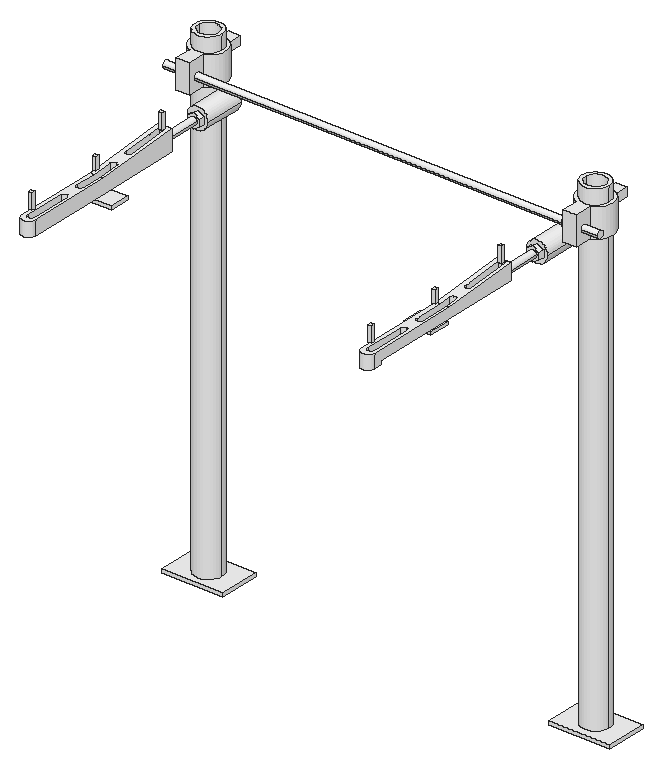
Revit family "MC-41R", category Plumbing Fixtures, host Face, Revit 2026
Family settings
  Host = Face
  Round Connector Dimension = Use Diameter
  Part Type = Normal
  Classification Number = 23.45.05.21.11
  Enable Cutting in Views = No
  Cut with Voids When Loaded = No
  Maintain Annotation Orientation = No
  Shared = No
  Room Calculation Point = No
Parameters
  WFU = 0
  URL = "www.mifab.com"
  Model = "MC-41-R"
  Manufacturer = "MIFAB"
  Floor Drain Material = Paint - Sherwin Williams Paint - #952C2A - Bellwood Red
  Description = "Fixture Carrier With Concealed Arms And Round Uprights"
  Default Elevation = 0.000"
  Assembly Code = ""
Reference planes (in)
  plane 1 "Center (Front/Back)": y = 0
  plane 2: z = 0
  plane 3 "Center (Left/Right)": x = 0
Forms (in)
  Extrusion 1, solid, material "Paint - Sherwin Williams Paint - #952C2A - Bellwood Red" <- "Floor Drain Material"
    sketch origin (-0.29196, 0, 0) x (1, 0, 0) y (0, 1, 0)
      loop
        line (-16.49824, 1.5) -> (-16.49824, -1.5) -> (-11.99824, -1.5) -> (-11.99824, 1.5) -> (-16.49824, 1.5)
      loop
        line (16.50176, 1.5) -> (12.00176, 1.5) -> (12.00176, -1.5) -> (16.50176, -1.5) -> (16.50176, 1.5)
    from 0 to 0.25
  Extrusion 2, solid, material "Paint - Sherwin Williams Paint - #952C2A - Bellwood Red" <- "Floor Drain Material"
    sketch origin (-0.29196, 0, 0) x (1, 0, 0) y (0, 1, 0)
      loop
        circle (14.25176, 0) r 1
      loop
        circle (14.25176, 0) r 0.75
      loop
        circle (-14.24824, 0) r 1
      loop
        circle (-14.24824, 0) r 0.75
    from 0.25 to 36
  Extrusion 3, solid, material "Paint - Sherwin Williams Paint - #952C2A - Bellwood Red" <- "Floor Drain Material"
    sketch origin (11.65492, 0.03947, -1.5) x (0, 1, 0) y (0, 0, 1)
      loop
        line (-6.17964, 33.09919) -> (-6.17964, 34.3425) -> (-11.80094, 33.8507) -> (-18.14504, 33.8507) -> (-18.14504, 33.09919) -> (-6.17964, 33.09919)
    from 0 to 1
  Extrusion 4, solid, material "Paint - Sherwin Williams Paint - #952C2A - Bellwood Red" <- "Floor Drain Material"
    sketch origin (-2.04196, 41.8128, -1.23753) x (1, 0, 0) y (0, 0, 1)
      loop
        circle (14.25176, 33.3507) r 0.25
      loop
        circle (-10.74824, 33.3507) r 0.25
    from 45.38789 to 47.95296
  Extrusion 5, solid, material "Paint - Sherwin Williams Paint - #952C2A - Bellwood Red" <- "Floor Drain Material"
    sketch origin (-0.29196, -1.6872, -1.5) x (1, 0, 0) y (0, 0, 1)
      loop
        line (12.05665, 33.87016) -> (12.05665, 33.35618) -> (12.50176, 33.09919) -> (12.94688, 33.35618) -> (12.94688, 33.87016) -> (12.50176, 34.12715) -> (12.05665, 33.87016)
      loop
        line (-12.05312, 33.87016) -> (-12.49824, 34.12715) -> (-12.94335, 33.87016) -> (-12.94335, 33.35618) -> (-12.49824, 33.09919) -> (-12.05312, 33.35618) -> (-12.05312, 33.87016)
    from 1.5 to 1.88789
  Extrusion 6, solid, material "Paint - Sherwin Williams Paint - #952C2A - Bellwood Red" <- "Floor Drain Material"
    sketch origin (-12.33166, -0.5659, -1.5) x (0, 1, 0) y (0, 0, -1)
      loop
        line (-5.57427, -32.8507) -> (-17.53967, -32.8507) -> (-17.53967, -33.8507) -> (-11.80094, -33.8507) -> (-5.57427, -34.39547) -> (-5.57427, -32.8507)
    from 0 to 1
  Extrusion 7, solid, material "Paint - Sherwin Williams Paint - #952C2A - Bellwood Red" <- "Floor Drain Material"
    sketch origin (1.46157, -1.6872, 31.3507) x (-1, 0, 0) y (0, -1, 0)
      loop
        line (13.79323, 16.41836) -> (14.79323, 16.41836) -> (14.79323, 17)
        arc (14.79323, 17) -> (14.29323, 17.5) -> (13.79323, 17) r 0.5
        line (13.79323, 17) -> (13.79323, 16.41836)
    from 0 to 1
  Extrusion 8, solid, material "Paint - Sherwin Williams Paint - #952C2A - Bellwood Red" <- "Floor Drain Material"
    sketch origin (-2.04196, -1.6872, 31.3507) x (1, 0, 0) y (0, 1, 0)
      loop
        line (13.69688, -16.41836) -> (13.69688, -17)
        arc (13.69688, -17) -> (14.19688, -17.5) -> (14.69688, -17) r 0.5
        line (14.69688, -17) -> (14.69688, -16.41836) -> (13.69688, -16.41836)
    from 0 to 1
  Extrusion 9, void
    sketch origin (-0.29196, -1.6872, -1.5) x (1, 0, 0) y (0, 1, 0)
      loop
        line (-12.74824, -4.80094) -> (-12.74824, -7.80094)
        arc (-12.74824, -7.80094) -> (-12.49824, -8.05094) -> (-12.24824, -7.80094) r 0.25
        line (-12.24824, -7.80094) -> (-12.24824, -4.80094)
        arc (-12.24824, -4.80094) -> (-12.49824, -4.55094) -> (-12.74824, -4.80094) r 0.25
      loop
        line (-12.74824, -9.30094) -> (-12.74824, -12.30094)
        arc (-12.74824, -12.30094) -> (-12.49824, -12.55094) -> (-12.24824, -12.30094) r 0.25
        line (-12.24824, -12.30094) -> (-12.24824, -9.30094)
        arc (-12.24824, -9.30094) -> (-12.49824, -9.05094) -> (-12.74824, -9.30094) r 0.25
      loop
        line (-12.74824, -13.80094) -> (-12.74824, -16.80094)
        arc (-12.74824, -16.80094) -> (-12.49824, -17.05094) -> (-12.24824, -16.80094) r 0.25
        line (-12.24824, -16.80094) -> (-12.24824, -13.80094)
        arc (-12.24824, -13.80094) -> (-12.49824, -13.55094) -> (-12.74824, -13.80094) r 0.25
      loop
        arc (12.75176, -4.80094) -> (12.50176, -4.55094) -> (12.25176, -4.80094) r 0.25
        line (12.25176, -4.80094) -> (12.25176, -7.80094)
        arc (12.25176, -7.80094) -> (12.50176, -8.05094) -> (12.75176, -7.80094) r 0.25
        line (12.75176, -7.80094) -> (12.75176, -4.80094)
      loop
        arc (12.75176, -9.30094) -> (12.50176, -9.05094) -> (12.25176, -9.30094) r 0.25
        line (12.25176, -9.30094) -> (12.25176, -12.30094)
        arc (12.25176, -12.30094) -> (12.50176, -12.55094) -> (12.75176, -12.30094) r 0.25
        line (12.75176, -12.30094) -> (12.75176, -9.30094)
      loop
        arc (12.75176, -13.80094) -> (12.50176, -13.55094) -> (12.25176, -13.80094) r 0.25
        line (12.25176, -13.80094) -> (12.25176, -16.80094)
        arc (12.25176, -16.80094) -> (12.50176, -17.05094) -> (12.75176, -16.80094) r 0.25
        line (12.75176, -16.80094) -> (12.75176, -13.80094)
    from 33.29844 to 34.37564
  Extrusion 10, solid, material "Paint - Sherwin Williams Paint - #952C2A - Bellwood Red" <- "Floor Drain Material"
    sketch origin (-2.04196, -1.6872, -1.5) x (1, 0, 0) y (0, 1, 0)
      loop
        line (14.37676, -16.67594) -> (14.12676, -16.67594) -> (14.12676, -16.92594) -> (14.37676, -16.92594) -> (14.37676, -16.67594)
      loop
        line (14.37676, -4.95816) -> (14.37676, -4.74539) -> (14.12676, -4.74539) -> (14.12676, -4.95816) -> (14.37676, -4.95816)
      loop
        line (-10.87324, -16.67594) -> (-10.87324, -16.92594) -> (-10.62324, -16.92594) -> (-10.62324, -16.67594) -> (-10.87324, -16.67594)
      loop
        line (-10.87324, -4.95816) -> (-10.62324, -4.95816) -> (-10.62324, -4.70816) -> (-10.87324, -4.70816) -> (-10.87324, -4.95816)
    from 33.29844 to 35.51632
  Extrusion 11, solid, material "Paint - Sherwin Williams Paint - #952C2A - Bellwood Red" <- "Floor Drain Material"
    sketch origin (-2.04196, -1.6872, -0.85721) x (1, 0, 0) y (0, 1, 0)
      loop
        line (12.50176, -10.07993) -> (12.50176, -11.57993) -> (14.50176, -11.57993) -> (14.50176, -10.07993) -> (12.50176, -10.07993)
      loop
        line (-8.99824, -10.07993) -> (-10.99824, -10.07993) -> (-10.99824, -11.57993) -> (-8.99824, -11.57993) -> (-8.99824, -10.07993)
    from 31.95792 to 32.20792
  Extrusion 12, solid, material "Paint - Sherwin Williams Paint - #952C2A - Bellwood Red" <- "Floor Drain Material"
    sketch origin (-2.04196, 4.2109, -1.5) x (1, 0, 0) y (0, 1, 0)
      loop
        line (14.37676, -16.67594) -> (14.12676, -16.67594) -> (14.12676, -16.92594) -> (14.37676, -16.92594) -> (14.37676, -16.67594)
      loop
        line (-10.87324, -16.67594) -> (-10.87324, -16.92594) -> (-10.62324, -16.92594) -> (-10.62324, -16.67594) -> (-10.87324, -16.67594)
    from 33.29844 to 35.29844
  Extrusion 13, solid, material "Paint - Sherwin Williams Paint - #952C2A - Bellwood Red" <- "Floor Drain Material"
    sketch origin (63.95522, -0.89604, -2.25) x (0, 1, 0) y (0, 0, 1)
      loop
        circle (-0.85396, 36.06641) r 0.25
    from -80.24542 to -48.24542
  Extrusion 14, solid, material "Paint - Sherwin Williams Paint - #952C2A - Bellwood Red" <- "Floor Drain Material"
    sketch origin (0, 0, 0) x (1, 0, 0) y (0, 1, 0)
      loop
        arc (14.4598, -1.14564) -> (13.96085, 1.25) -> (13.45787, -1.1448) r 1.25
        line (13.45787, -1.1448) -> (13.45787, -2.36891) -> (14.4598, -2.36891) -> (14.4598, -1.14564)
      loop
        circle (13.9598, 0) r 1
      loop
        line (-15.0402, -1.14564) -> (-15.0402, -2.36891) -> (-14.0402, -2.36891) -> (-14.0402, -1.14564)
        arc (-14.0402, -1.14564) -> (-14.5402, 1.25) -> (-15.0402, -1.14564) r 1.25
      loop
        circle (-14.5402, 0) r 1
    from 32.8507 to 34.95792
  Extrusion 15, solid
    sketch origin (0, 0, 0) x (0, 1, 0) y (0, 0, 1)
      loop
        circle (-1.75, 33.81641) r 0.25
      loop
        line (-1.75, 34.21624) -> (-2.09627, 34.01632) -> (-2.09627, 33.61649) -> (-1.75, 33.41657) -> (-1.40373, 33.61649) -> (-1.40373, 34.01632) -> (-1.75, 34.21624)
    from 13.14287 to 13.45787
  Extrusion 16, solid
    sketch origin (0, 0, 0) x (0, 1, 0) y (0, 0, 1)
      loop
        circle (-1.75, 33.81641) r 0.25
      loop
        line (-1.75, 34.21624) -> (-2.09627, 34.01632) -> (-2.09627, 33.61649) -> (-1.75, 33.41657) -> (-1.40373, 33.61649) -> (-1.40373, 34.01632) -> (-1.75, 34.21624)
    from 13.14287 to 13.45787
  Extrusion 17, solid, material "Paint - Sherwin Williams Paint - #952C2A - Bellwood Red" <- "Floor Drain Material"
    sketch origin (0, 0, -1.5) x (1, 0, 0) y (0, 0, 1)
      loop
        circle (-12.7902, 33.61317) r 0.75997
      loop
        circle (12.2098, 33.61317) r 0.75997
    from 0.1872 to 3.1872
  Extrusion 18, solid, material "Paint - Sherwin Williams Paint - #952C2A - Bellwood Red" <- "Floor Drain Material"
    sketch origin (0, 0, 0) x (1, 0, 0) y (0, 1, 0)
      loop
        line (-14.9348, 2.36731) -> (-14.9348, 1.5) -> (-14.83289, 1.5) -> (-14.83289, 1.20868)
        arc (-14.83289, 1.20868) -> (-14.52718, 1.25007) -> (-14.22147, 1.20868) r 1.14965
        line (-14.22147, 1.20868) -> (-14.22147, 1.5) -> (-14.11956, 1.5) -> (-14.11956, 2.36731) -> (-14.9348, 2.36731)
      loop
        line (14.3544, 2.36731) -> (13.53917, 2.36731) -> (13.53917, 1.5) -> (13.64107, 1.5) -> (13.64107, 1.20868)
        arc (13.64107, 1.20868) -> (13.94678, 1.25007) -> (14.2525, 1.20868) r 1.14965
        line (14.2525, 1.20868) -> (14.2525, 1.5) -> (14.3544, 1.5) -> (14.3544, 2.36731)
    from 34.66394 to 34.01632
Cuts and joins
  Extrusion 9 cuts Extrusion 3
  Extrusion 9 cuts Extrusion 6
  Extrusion 9 cuts Extrusion 7
  Extrusion 9 cuts Extrusion 8
  Extrusion 9 cuts Extrusion 10
  Extrusion 9 cuts Extrusion 12
  joined: Extrusion 2, Extrusion 3, Extrusion 5, Extrusion 6, Extrusion 7, Extrusion 8, Extrusion 10, Extrusion 11, Extrusion 12, Extrusion 13, Extrusion 14, Extrusion 17
Dimensions and locks (in)
  Extrusion 1 sketch curve to Extrusion 1 sketch curve = 24.000"  (x2)
  locked: Extrusion 1 sketch curve to Extrusion 1 sketch curve at 4.5  (x2)
  aligned and locked: plane 2 to host face
  aligned and locked: level to host face
  aligned and locked: Extrusion 2 to Extrusion 1
  aligned and locked: Extrusion 6 to Extrusion 4
  aligned and locked: Extrusion 5 to Extrusion 4
  aligned and locked: Extrusion 8 to cut or joined group 1 (Extrusion 2, Extrusion 3, Extrusion 5, Extrusion 6, Extrusion 7, Extrusion 8, Extrusion 9, Extrusion 10, Extrusion 11, Extrusion 12, Extrusion 13, Extrusion 14, Extrusion 17)
  aligned and locked: Extrusion 6 to cut or joined group 1  (x2)
  aligned and locked: Extrusion 3 to Extrusion 8
  aligned and locked: Extrusion 8 to Extrusion 3
  aligned and locked: Extrusion 15 to Extrusion 14
  aligned and locked: Extrusion 17 to cut or joined group 1
  aligned and locked: Extrusion 18 to cut or joined group 1
